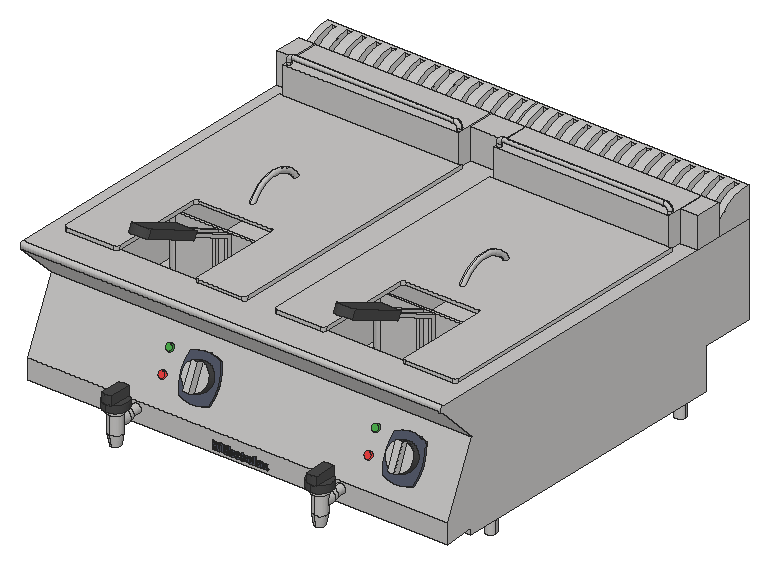
Revit family "QF_ELECTROLUXPROFESSIONAL_371080_E7FREH2E00", category Specialty Equipment, Revit 2018 (continued)
Automatic sketch dimensions
  curve 200 to curve 200 = 9.296 mm
  curve 200 to curve 199 = 18.547 mm
  curve 199 to curve 199 = 9.296 mm
  curve 199 to curve 198 = 18.547 mm
  curve 198 to curve 198 = 9.296 mm
  curve 198 to curve 197 = 18.547 mm
  curve 197 to curve 197 = 9.296 mm
  curve 197 to curve 196 = 18.547 mm
  curve 196 to curve 196 = 9.296 mm
  curve 196 to curve 195 = 18.547 mm
  curve 195 to curve 195 = 9.296 mm
  curve 195 to curve 194 = 18.547 mm
  curve 194 to curve 194 = 9.296 mm
  curve 194 to curve 192 = 18.547 mm
  curve 192 to curve 192 = 9.296 mm
  plane 1 "BACK" to curve 178 = 63.911 mm
  plane 1 "BACK" to curve 179 = 63.911 mm
  curve 178 to curve 180 = 0 mm
  curve 180 to curve 181 = 0 mm
  curve 181 to curve 182 = 0 mm
  curve 182 to curve 183 = 0 mm
  curve 183 to curve 184 = 0 mm
  curve 184 to curve 185 = 0 mm
  curve 185 to curve 186 = 0 mm
  curve 186 to curve 187 = 0 mm
  curve 187 to curve 188 = 0 mm
  curve 188 to curve 189 = 0 mm
  curve 189 to curve 190 = 0 mm
  curve 190 to curve 191 = 0 mm
  plane 1 "BACK" to curve 192 = 63.911 mm
  curve 179 to curve 193 = 0 mm
  curve 194 to curve 192 = 0 mm
  curve 195 to curve 194 = 0 mm
  curve 196 to curve 195 = 0 mm
  curve 197 to curve 196 = 0 mm
  curve 198 to curve 197 = 0 mm
  curve 199 to curve 198 = 0 mm
  curve 200 to curve 199 = 0 mm
  curve 201 to curve 200 = 0 mm
  curve 202 to curve 201 = 0 mm
  curve 203 to curve 202 = 0 mm
  curve 204 to curve 203 = 0 mm
  curve 205 to curve 204 = 0 mm
  Extrusion 1 sketch curve to plane 10 "TOP A" = 0 mm
  Extrusion 1 sketch curve to plane 9 "BASE" = 0 mm
  Extrusion 1 sketch curve to plane 1 "BACK" = 0 mm
  Extrusion 1 sketch curve to plane 12 = 46.037 mm
  plane 11 to Extrusion 1 sketch curve = 59.531 mm
  plane 9 "BASE" to Extrusion 1 sketch curve = 12.7 mm
  plane 11 to Extrusion 1 sketch curve = 62.516 mm
  Extrusion 1 sketch curve to plane 5 "FRONT" = 16.478 mm
  Extrusion 1 sketch curve to plane 5 "FRONT" = 4.973 mm
  Extrusion 1 sketch curve to plane 5 "FRONT" = 0.483 mm
  plane 9 "BASE" to Extrusion 1 sketch curve = 7.09 mm
  Extrusion 1 sketch curve to Extrusion 1 sketch curve = 38.1 mm
  plane 9 "BASE" to Extrusion 1 sketch curve = 77.788 mm
  Extrusion 1 sketch curve to plane 10 "TOP A" = 83.191 mm
  Extrusion 1 sketch curve to plane 10 "TOP A" = 10.84 mm
  Extrusion 2 sketch curve to plane 10 "TOP A" = 0 mm
  Extrusion 2 sketch curve to plane 1 "BACK" = 0 mm
  Extrusion 2 sketch curve to plane 6 "TOP" = 0 mm
  plane 1 "BACK" to Extrusion 2 sketch curve = 1.769 mm
  plane 10 "TOP A" to Extrusion 2 sketch curve = 25.4 mm
  plane 1 "BACK" to Extrusion 2 sketch curve = 69.85 mm
  plane 12 to Extrusion 3 sketch curve = 0.124 mm  (x2)
  Extrusion 3 sketch curve to plane 4 "RIGHT" = 33.338 mm
  plane 7 "Center Y" to Extrusion 3 sketch curve = 26.988 mm
  Extrusion 3 sketch curve to plane 7 "Center Y" = 26.988 mm
  plane 3 "LEFT" to Extrusion 3 sketch curve = 33.338 mm
  plane 11 to Extrusion 3 sketch curve = 57.877 mm
  Extrusion 3 sketch curve to Extrusion 3 sketch curve = 0 mm
  plane 1 "BACK" to Extrusion 4 sketch curve = 6.761 mm
  plane 3 "LEFT" to Extrusion 4 sketch curve = 22.749 mm
  Extrusion 4 sketch curve to Extrusion 4 sketch curve = 9.296 mm
  Extrusion 4 sketch curve to Extrusion 4 sketch curve = 57.15 mm
  plane 11 to Extrusion 5 sketch curve = 0 mm  (x2)
  plane 12 to Extrusion 5 sketch curve = 0 mm  (x2)
  plane 3 "LEFT" to Extrusion 5 sketch curve = 11.112 mm  (x2)
  Extrusion 5 sketch curve to plane 4 "RIGHT" = 11.113 mm  (x2)
  Extrusion 6 sketch curve to Extrusion 1 = 31.333 mm  (x4)
  Extrusion 6 sketch curve to Extrusion 6 sketch curve = 12.3 mm  (x6)
  Extrusion 6 sketch curve to Extrusion 6 sketch curve = 34.925 mm  (x4)
  Extrusion 1 to Extrusion 6 sketch curve = 44.467 mm  (x2)
  Extrusion 1 to Extrusion 6 sketch curve = 49.735 mm
  Extrusion 6 sketch curve to Extrusion 6 sketch curve = 25.727 mm  (x4)
  Extrusion 6 sketch curve to Extrusion 6 sketch curve = 28.575 mm  (x2)
  Extrusion 6 sketch curve to Extrusion 6 sketch curve = 280.219 mm
  Extrusion 7 sketch curve to Extrusion 7 sketch curve = 0 mm
  Extrusion 7 sketch curve to Extrusion 7 sketch curve = 388.937 mm
  Extrusion 8 sketch curve to Extrusion 8 sketch curve = 24.732 mm  (x2)
  Extrusion 8 sketch curve to Extrusion 8 sketch curve = 0 mm  (x2)
  Extrusion 1 to Extrusion 9 sketch curve = 39.678 mm  (x2)
  Extrusion 1 to Extrusion 9 sketch curve = 167.915 mm
  Extrusion 1 to Extrusion 9 sketch curve = 240.073 mm
  Extrusion 10 sketch curve to Extrusion 1 = 50.809 mm  (x2)
  Extrusion 1 to Extrusion 10 sketch curve = 167.915 mm
  Extrusion 1 to Extrusion 10 sketch curve = 240.073 mm
  Revolve 11 sketch curve to plane 9 "BASE" = 8.123 mm
  plane 5 "FRONT" to Revolve 11 sketch curve = 32.926 mm
  Revolve 11 sketch curve to Revolve 11 sketch curve = 0 mm
  Revolve 11 sketch curve to Revolve 11 sketch curve = 9.009 mm
  plane 5 "FRONT" to Revolve 11 sketch curve = 20.301 mm
  Revolve 11 sketch curve to Revolve 11 sketch curve = 3.277 mm
  Revolve 11 sketch curve to Revolve 11 sketch curve = 6.35 mm
  plane 9 "BASE" to Revolve 11 sketch curve = 12.388 mm
  Revolve 11 sketch curve to Revolve 11 sketch curve = 36.341 mm
  Revolve 11 sketch curve to Revolve 11 sketch curve = 7.879 mm
  Revolve 11 sketch curve to Revolve 11 sketch curve = 12.7 mm  (x2)
  Revolve 11 sketch curve to Revolve 11 sketch curve = 15.064 mm
  plane 5 "FRONT" to Revolve 12 sketch curve = 34.322 mm
  plane 5 "FRONT" to Revolve 12 sketch curve = 12.357 mm
  plane 5 "FRONT" to Revolve 12 sketch curve = 3.364 mm
  Revolve 12 sketch curve to plane 5 "FRONT" = 16.478 mm
  Revolve 12 sketch curve to Revolve 12 sketch curve = 0 mm  (x2)
  Revolve 12 sketch curve to Revolve 12 sketch curve = 9.137 mm
  plane 9 "BASE" to Revolve 12 sketch curve = 19.447 mm
  Revolve 12 sketch curve to Revolve 12 sketch curve = 1.702 mm
  Revolve 12 sketch curve to Revolve 12 sketch curve = 2.047 mm
  Revolve 12 sketch curve to Revolve 12 sketch curve = 12.303 mm
  Revolve 13 sketch curve to plane 9 "BASE" = 8.123 mm
  plane 5 "FRONT" to Revolve 13 sketch curve = 32.926 mm
  Revolve 13 sketch curve to Revolve 13 sketch curve = 0 mm
  Revolve 13 sketch curve to Revolve 13 sketch curve = 9.009 mm
  plane 5 "FRONT" to Revolve 13 sketch curve = 20.301 mm
  Revolve 13 sketch curve to Revolve 13 sketch curve = 3.277 mm
  Revolve 13 sketch curve to Revolve 13 sketch curve = 6.35 mm
  plane 9 "BASE" to Revolve 13 sketch curve = 12.388 mm
  Revolve 13 sketch curve to Revolve 13 sketch curve = 36.341 mm
  Revolve 13 sketch curve to Revolve 13 sketch curve = 7.879 mm
  Revolve 13 sketch curve to Revolve 13 sketch curve = 12.7 mm  (x2)
  Revolve 13 sketch curve to Revolve 13 sketch curve = 15.064 mm
  plane 5 "FRONT" to Revolve 14 sketch curve = 34.322 mm
  plane 5 "FRONT" to Revolve 14 sketch curve = 12.357 mm
  plane 5 "FRONT" to Revolve 14 sketch curve = 3.364 mm
  Revolve 14 sketch curve to plane 5 "FRONT" = 16.478 mm
  Revolve 14 sketch curve to Revolve 14 sketch curve = 0 mm  (x2)
  Revolve 14 sketch curve to Revolve 14 sketch curve = 9.137 mm
  plane 9 "BASE" to Revolve 14 sketch curve = 19.447 mm
  Revolve 14 sketch curve to Revolve 14 sketch curve = 1.702 mm
  Revolve 14 sketch curve to Revolve 14 sketch curve = 2.047 mm
  Revolve 14 sketch curve to Revolve 14 sketch curve = 12.303 mm
  Extrusion 15 sketch curve to Extrusion 15 sketch curve = 0 mm  (x5)
  Extrusion 15 sketch curve to Extrusion 15 sketch curve = 20.063 mm  (x2)
  Revolve 11 to Extrusion 15 sketch curve = 9.626 mm
  Extrusion 15 sketch curve to Revolve 11 = 9.626 mm
  Extrusion 15 sketch curve to Extrusion 15 sketch curve = 369.686 mm
  Extrusion 15 sketch curve to Extrusion 15 sketch curve = 9.626 mm
  Extrusion 1 to Extrusion 16 sketch curve = 33.906 mm
  plane 1 "BACK" to Extrusion 17 sketch curve = 0 mm
  Extrusion 17 sketch curve to plane 3 "LEFT" = 0 mm
  Extrusion 17 sketch curve to plane 4 "RIGHT" = 0 mm
  Extrusion 17 sketch curve to plane 3 "LEFT" = 150.019 mm
  plane 5 "FRONT" to Extrusion 17 sketch curve = 1.377 mm  (x2)
  plane 4 "RIGHT" to Extrusion 17 sketch curve = 150.019 mm
  Extrusion 17 sketch curve to plane 1 "BACK" = 150.019 mm
  plane 1 "BACK" to curve 7 = 0 mm
  curve 7 to plane 4 "RIGHT" = 0 mm
  plane 5 "FRONT" to curve 93 = 0 mm
  curve 6 to plane 3 "LEFT" = 0 mm
  plane 4 "RIGHT" to curve 3 = 150.019 mm
  curve 134 to curve 133 = 9.296 mm
  curve 43 to plane 4 "RIGHT" = 26.988 mm
  curve 44 to curve 44 = 6.35 mm
  curve 78 to plane 4 "RIGHT" = 37.598 mm
  plane 1 "BACK" to curve 141 = 6.761 mm
  curve 140 to curve 139 = 9.296 mm
  curve 139 to curve 143 = 18.547 mm
  curve 143 to curve 142 = 9.296 mm
  curve 146 to curve 147 = 9.296 mm
  curve 44 to curve 46 = 88.9 mm
  curve 46 to curve 61 = 6.35 mm
  curve 149 to curve 148 = 9.296 mm
  curve 47 to curve 49 = 6.35 mm
  curve 152 to curve 151 = 9.296 mm
  plane 1 "BACK" to curve 155 = 6.761 mm
  curve 151 to curve 155 = 18.547 mm
  curve 47 to curve 60 = 54.879 mm
  curve 67 to curve 60 = 0 mm  (x2)
  curve 59 to plane 11 = 5.711 mm
  curve 47 to curve 59 = 58.32 mm
  curve 155 to curve 154 = 9.296 mm
  curve 58 to curve 64 = 4.079 mm
  plane 5 "FRONT" to curve 93 = 13.586 mm
  curve 60 to curve 93 = 8.46 mm
  curve 48 to curve 68 = 60.633 mm
  curve 93 to curve 90 = 1.381 mm
  curve 64 to curve 63 = 5.857 mm
  curve 68 to curve 70 = 4.449 mm
  curve 67 to curve 60 = 18.617 mm
  curve 90 to curve 89 = 9.626 mm
  plane 1 "BACK" to curve 158 = 6.761 mm
  curve 154 to curve 158 = 18.547 mm
  curve 63 to curve 66 = 17.363 mm
  curve 89 to curve 91 = 9.626 mm
  curve 91 to curve 92 = 1.488 mm
  curve 66 to curve 65 = 5.857 mm
  curve 65 to curve 58 = 4.079 mm
  curve 157 to curve 161 = 18.547 mm
  curve 161 to curve 160 = 9.296 mm
  curve 160 to curve 164 = 18.547 mm
  curve 65 to curve 50 = 51.399 mm
  curve 164 to curve 165 = 9.296 mm
  curve 62 to curve 52 = 53.67 mm
  curve 51 to curve 53 = 6.35 mm
  plane 1 "BACK" to curve 168 = 6.761 mm
  curve 163 to curve 168 = 18.547 mm
  curve 166 to curve 170 = 18.547 mm
  plane 1 "BACK" to curve 173 = 6.761 mm
  curve 169 to curve 173 = 18.547 mm
  curve 173 to curve 174 = 9.296 mm
  plane 7 "Center Y" to curve 54 = 33.338 mm
  plane 7 "Center Y" to curve 79 = 37.641 mm
  curve 54 to curve 55 = 6.35 mm
  curve 137 to curve 136 = 9.296 mm
  plane 7 "Center Y" to curve 175 = 1.587 mm
  curve 25 to plane 7 "Center Y" = 1.588 mm
  plane 1 "BACK" to curve 94 = 6.761 mm
  curve 176 to curve 94 = 13.764 mm
  curve 94 to curve 95 = 9.296 mm
  plane 12 to curve 23 = 0.124 mm
  curve 23 to plane 7 "Center Y" = 26.988 mm
  curve 77 to plane 7 "Center Y" = 37.641 mm
  curve 22 to curve 22 = 6.35 mm
  curve 95 to curve 130 = 18.547 mm
  curve 130 to curve 131 = 9.296 mm
  curve 131 to curve 127 = 18.547 mm
  curve 127 to curve 128 = 9.296 mm
  curve 128 to curve 124 = 18.547 mm
  curve 22 to curve 20 = 82.55 mm
  curve 42 to plane 7 "Center Y" = 122.238 mm
  curve 125 to curve 121 = 18.547 mm
  curve 18 to curve 17 = 6.35 mm
  curve 121 to curve 123 = 9.296 mm
  curve 118 to curve 120 = 9.296 mm
  curve 19 to curve 31 = 53.67 mm
  curve 18 to curve 34 = 51.399 mm
  curve 26 to curve 86 = 6.654 mm
  curve 86 to curve 85 = 1.488 mm
  curve 34 to curve 35 = 5.857 mm
  curve 115 to curve 116 = 9.296 mm
  curve 85 to curve 83 = 9.626 mm
  curve 36 to curve 36 = 18.617 mm
  curve 29 to curve 36 = 0 mm
  plane 8 "Center X" to curve 40 = 38.031 mm
  curve 18 to curve 40 = 66.994 mm
  curve 39 to curve 39 = 4.449 mm
  curve 32 to plane 11 = 5.711 mm
  curve 35 to curve 32 = 17.363 mm
  curve 82 to curve 84 = 9.626 mm
  curve 84 to curve 87 = 1.381 mm
  curve 32 to curve 33 = 5.857 mm
  curve 29 to curve 28 = 18.617 mm
  curve 36 to curve 36 = 3.442 mm
  curve 36 to curve 29 = 3.442 mm
  curve 112 to curve 114 = 9.296 mm
  plane 1 "BACK" to curve 111 = 6.761 mm
  curve 113 to curve 111 = 18.547 mm
  curve 109 to curve 111 = 9.296 mm
  curve 33 to curve 16 = 56.049 mm
  curve 110 to curve 106 = 18.547 mm
  curve 16 to curve 41 = 6.35 mm
  curve 106 to curve 107 = 9.296 mm
  curve 15 to curve 13 = 6.35 mm
  plane 1 "BACK" to curve 103 = 6.761 mm
  curve 107 to curve 103 = 18.547 mm
  curve 103 to curve 104 = 9.296 mm
  curve 104 to curve 100 = 18.547 mm
  plane 1 "BACK" to curve 97 = 6.761 mm
  curve 101 to curve 97 = 18.547 mm
  curve 97 to curve 98 = 9.296 mm
  curve 98 to curve 74 = 3.697 mm
  plane 3 "LEFT" to curve 13 = 33.338 mm
  plane 3 "LEFT" to curve 11 = 26.988 mm
  curve 8 to curve 9 = 9.296 mm
  plane 5 "FRONT" to curve 1 = 1.377 mm
  curve 1 to plane 3 "LEFT" = 150.019 mm
  curve 1 to plane 1 "BACK" = 150.019 mm
  plane 1 "BACK" to curve 8 = 6.761 mm
  plane 1 "BACK" to curve 171 = 6.761 mm
  plane 1 "BACK" to curve 165 = 6.761 mm
  plane 1 "BACK" to curve 162 = 6.761 mm
  plane 1 "BACK" to curve 153 = 6.761 mm
  plane 1 "BACK" to curve 150 = 6.761 mm
  plane 1 "BACK" to curve 147 = 6.761 mm
  plane 1 "BACK" to curve 144 = 6.761 mm
  plane 1 "BACK" to curve 138 = 6.761 mm
  plane 1 "BACK" to curve 135 = 6.761 mm
  plane 1 "BACK" to curve 132 = 6.761 mm
  plane 1 "BACK" to curve 129 = 6.761 mm
  plane 1 "BACK" to curve 126 = 6.761 mm
  plane 1 "BACK" to curve 123 = 6.761 mm
  plane 1 "BACK" to curve 120 = 6.761 mm
  plane 1 "BACK" to curve 117 = 6.761 mm
  plane 1 "BACK" to curve 114 = 6.761 mm
  plane 1 "BACK" to curve 108 = 6.761 mm
  plane 1 "BACK" to curve 102 = 6.761 mm
  curve 115 to curve 115 = 57.15 mm
  curve 121 to curve 124 = 0 mm
  curve 118 to curve 122 = 0 mm
  curve 130 to curve 94 = 0 mm
  curve 97 to curve 101 = 0 mm
  curve 136 to curve 175 = 5.939 mm
  curve 176 to curve 175 = 0 mm
  curve 95 to curve 74 = 71.504 mm
  curve 137 to curve 78 = 71.504 mm
  curve 78 to curve 80 = 7.655 mm
  curve 74 to curve 75 = 7.655 mm
  plane 12 to curve 56 = 0.124 mm
  plane 8 "Center X" to curve 71 = 38.031 mm
  curve 38 to plane 8 "Center X" = 63.432 mm
  curve 70 to plane 8 "Center X" = 63.432 mm
  curve 38 to curve 18 = 46.229 mm
  curve 70 to curve 49 = 46.229 mm
  curve 47 to curve 72 = 22.324 mm
  curve 19 to curve 41 = 22.324 mm
  curve 72 to curve 73 = 3.175 mm
  curve 18 to curve 34 = 25.499 mm
  plane 11 to curve 62 = 57.877 mm
  plane 11 to curve 14 = 57.877 mm
  curve 62 to curve 61 = 0 mm
  curve 30 to curve 31 = 0 mm
  curve 61 to curve 67 = 33.188 mm
  curve 30 to curve 36 = 33.188 mm
  curve 36 to curve 29 = 6.713 mm
  curve 67 to curve 60 = 6.713 mm  (x2)
  curve 60 to curve 67 = 4.011 mm
  curve 29 to curve 36 = 4.011 mm
  curve 36 to curve 26 = 6.713 mm
  plane 5 "FRONT" to curve 3 = 1.377 mm
  curve 89 to curve 93 = 2.913 mm
  plane 5 "FRONT" to curve 82 = 10.673 mm
  curve 83 to curve 84 = 2.19 mm
  Extrusion 18 sketch curve to plane 4 "RIGHT" = 26.988 mm
  Extrusion 18 sketch curve to Extrusion 18 sketch curve = 6.35 mm  (x8)
  Extrusion 18 sketch curve to Extrusion 18 sketch curve = 88.9 mm
  Extrusion 18 sketch curve to plane 4 "RIGHT" = 128.588 mm
  plane 7 "Center Y" to Extrusion 18 sketch curve = 128.588 mm
  plane 11 to Extrusion 18 sketch curve = 57.877 mm  (x4)
  plane 7 "Center Y" to Extrusion 18 sketch curve = 122.238 mm
  plane 7 "Center Y" to Extrusion 18 sketch curve = 33.338 mm
  Extrusion 18 sketch curve to plane 7 "Center Y" = 26.988 mm
  Extrusion 18 sketch curve to Extrusion 18 sketch curve = 82.55 mm
  plane 3 "LEFT" to Extrusion 18 sketch curve = 134.938 mm
  plane 3 "LEFT" to Extrusion 18 sketch curve = 128.588 mm
  plane 3 "LEFT" to Extrusion 18 sketch curve = 33.338 mm
  plane 12 to Extrusion 18 sketch curve = 0.124 mm  (x2)
  plane 3 "LEFT" to Extrusion 18 sketch curve = 26.988 mm
  Extrusion 18 sketch curve to plane 8 "Center X" = 109.662 mm  (x2)
  Sweep 19 sketch curve to plane 6 "TOP" = 0 mm  (x2)
  plane 6 "TOP" to Sweep 19 sketch curve = 4.85 mm  (x2)
  plane 3 "LEFT" to Sweep 19 sketch curve = 39.688 mm
  Sweep 19 sketch curve to Sweep 19 sketch curve = 6.35 mm
  Sweep 19 sketch curve to plane 7 "Center Y" = 46.081 mm
  Sweep 19 sketch curve to profile plane = 2.09 mm
  profile plane to Sweep 19 sketch curve = 140.754 mm
  Extrusion 20 sketch curve to plane 7 "Center Y" = 175.907 mm
  Extrusion 20 sketch curve to Extrusion 20 sketch curve = 0 mm
  Extrusion 20 sketch curve to Extrusion 20 sketch curve = 11.832 mm
  Extrusion 20 sketch curve to Extrusion 20 sketch curve = 106.78 mm
  Extrusion 20 sketch curve to Extrusion 20 sketch curve = 18.617 mm
  Extrusion 21 sketch curve to plane 11 = 1.013 mm
  Extrusion 21 sketch curve to plane 11 = 3.696 mm
  Extrusion 21 sketch curve to plane 10 "TOP A" = 11.567 mm
  Extrusion 21 sketch curve to plane 11 = 84.899 mm
  Extrusion 21 sketch curve to plane 10 "TOP A" = 7.522 mm
  Extrusion 21 sketch curve to Extrusion 21 sketch curve = 6.35 mm
  Extrusion 21 sketch curve to Extrusion 21 sketch curve = 97.432 mm
  Extrusion 22 sketch curve to plane 11 = 1.013 mm
  Extrusion 22 sketch curve to plane 11 = 3.696 mm
  Extrusion 22 sketch curve to plane 10 "TOP A" = 11.567 mm
  Extrusion 22 sketch curve to plane 11 = 84.899 mm
  Extrusion 22 sketch curve to Extrusion 22 sketch curve = 6.35 mm
  Extrusion 22 sketch curve to plane 10 "TOP A" = 7.522 mm
  Extrusion 22 sketch curve to Extrusion 22 sketch curve = 97.432 mm
  Sweep 23 sketch curve to plane 10 "TOP A" = 0 mm  (x2)
  Sweep 23 sketch curve to plane 8 "Center X" = 67.263 mm
  Sweep 23 sketch curve to plane 8 "Center X" = 12.824 mm
  Sweep 23 sketch curve to plane 10 "TOP A" = 26.978 mm
  Sweep 23 sketch curve to profile plane = 0 mm  (x2)
  Sweep 24 sketch curve to plane 10 "TOP A" = 0 mm  (x2)
  Sweep 24 sketch curve to plane 8 "Center X" = 67.263 mm
  Sweep 24 sketch curve to plane 8 "Center X" = 12.824 mm
  Sweep 24 sketch curve to plane 10 "TOP A" = 26.978 mm
  Sweep 24 sketch curve to profile plane = 0 mm
  profile plane to Sweep 24 sketch curve = 0 mm
  plane 7 "Center Y" to Extrusion 25 sketch curve = 175.907 mm
  Extrusion 25 sketch curve to Extrusion 25 sketch curve = 0 mm
  Extrusion 25 sketch curve to Extrusion 25 sketch curve = 11.832 mm
  Extrusion 25 sketch curve to Extrusion 25 sketch curve = 106.78 mm
  Extrusion 25 sketch curve to Extrusion 25 sketch curve = 18.617 mm
  Extrusion 26 sketch curve to Extrusion 26 sketch curve = 0 mm  (x16)
  Extrusion 26 sketch curve to plane 4 "RIGHT" = 91.225 mm
  Extrusion 26 sketch curve to Extrusion 26 sketch curve = 3.175 mm  (x2)
  Extrusion 26 sketch curve to Extrusion 26 sketch curve = 22.225 mm  (x6)
  plane 7 "Center Y" to Extrusion 26 sketch curve = 105.625 mm  (x2)
  plane 12 to Extrusion 26 sketch curve = 44.673 mm
  Extrusion 26 sketch curve to plane 7 "Center Y" = 80.225 mm
  plane 3 "LEFT" to Extrusion 26 sketch curve = 116.625 mm  (x2)
  plane 12 to Extrusion 26 sketch curve = 41.498 mm
  Extrusion 26 sketch curve to plane 8 "Center X" = 116.11 mm  (x2)
  Extrusion 27 sketch curve to plane 11 = 1.013 mm
  Extrusion 27 sketch curve to plane 11 = 3.696 mm
  Extrusion 27 sketch curve to plane 10 "TOP A" = 11.567 mm
  Extrusion 27 sketch curve to plane 11 = 84.899 mm
  Extrusion 27 sketch curve to plane 10 "TOP A" = 7.522 mm
  Extrusion 27 sketch curve to Extrusion 27 sketch curve = 6.35 mm
  Extrusion 27 sketch curve to Extrusion 27 sketch curve = 97.432 mm
  Extrusion 28 sketch curve to plane 11 = 1.013 mm
  Extrusion 28 sketch curve to plane 11 = 3.696 mm
  Extrusion 28 sketch curve to plane 10 "TOP A" = 11.567 mm
  Extrusion 28 sketch curve to plane 11 = 84.899 mm
  Extrusion 28 sketch curve to Extrusion 28 sketch curve = 6.35 mm
  Extrusion 28 sketch curve to Extrusion 28 sketch curve = 97.432 mm
  Extrusion 28 sketch curve to plane 10 "TOP A" = 7.522 mm
  plane 1 "BACK" to Extrusion 29 sketch curve = 6.761 mm
  Extrusion 29 sketch curve to plane 7 "Center Y" = 15.351 mm
  Extrusion 29 sketch curve to Extrusion 29 sketch curve = 9.296 mm
  Extrusion 29 sketch curve to Extrusion 29 sketch curve = 57.15 mm
  plane 1 "BACK" to Extrusion 30 sketch curve = 6.761 mm
  plane 3 "LEFT" to Extrusion 30 sketch curve = 50.591 mm
  Extrusion 30 sketch curve to Extrusion 30 sketch curve = 9.296 mm
  Extrusion 30 sketch curve to Extrusion 30 sketch curve = 57.15 mm
  plane 1 "BACK" to Extrusion 31 sketch curve = 6.761 mm
  plane 3 "LEFT" to Extrusion 31 sketch curve = 78.433 mm
  Extrusion 31 sketch curve to Extrusion 31 sketch curve = 9.296 mm
  Extrusion 31 sketch curve to Extrusion 31 sketch curve = 57.15 mm
  plane 1 "BACK" to Extrusion 32 sketch curve = 6.761 mm
  plane 3 "LEFT" to Extrusion 32 sketch curve = 106.275 mm
  Extrusion 32 sketch curve to Extrusion 32 sketch curve = 9.296 mm
  Extrusion 32 sketch curve to Extrusion 32 sketch curve = 57.15 mm
  plane 1 "BACK" to Extrusion 33 sketch curve = 6.761 mm
  plane 3 "LEFT" to Extrusion 33 sketch curve = 134.118 mm
  Extrusion 33 sketch curve to Extrusion 33 sketch curve = 9.296 mm
  Extrusion 33 sketch curve to Extrusion 33 sketch curve = 57.15 mm
  plane 1 "BACK" to Extrusion 34 sketch curve = 6.761 mm
  plane 3 "LEFT" to Extrusion 34 sketch curve = 161.96 mm
  Extrusion 34 sketch curve to Extrusion 34 sketch curve = 9.296 mm
  Extrusion 34 sketch curve to Extrusion 34 sketch curve = 57.15 mm
  plane 1 "BACK" to Extrusion 35 sketch curve = 6.761 mm
  plane 3 "LEFT" to Extrusion 35 sketch curve = 189.802 mm
  Extrusion 35 sketch curve to Extrusion 35 sketch curve = 9.296 mm
  Extrusion 35 sketch curve to Extrusion 35 sketch curve = 57.15 mm
  plane 1 "BACK" to Extrusion 36 sketch curve = 6.761 mm
  Extrusion 36 sketch curve to plane 7 "Center Y" = 182.405 mm
  Extrusion 36 sketch curve to Extrusion 36 sketch curve = 9.296 mm
  Extrusion 36 sketch curve to Extrusion 36 sketch curve = 57.15 mm
  plane 1 "BACK" to Extrusion 37 sketch curve = 6.761 mm
  Extrusion 37 sketch curve to plane 7 "Center Y" = 154.563 mm
  Extrusion 37 sketch curve to Extrusion 37 sketch curve = 9.296 mm
  Extrusion 37 sketch curve to Extrusion 37 sketch curve = 57.15 mm
  plane 1 "BACK" to Extrusion 38 sketch curve = 6.761 mm
  Extrusion 38 sketch curve to plane 7 "Center Y" = 126.721 mm
  Extrusion 38 sketch curve to Extrusion 38 sketch curve = 9.296 mm
  Extrusion 38 sketch curve to Extrusion 38 sketch curve = 57.15 mm
  plane 1 "BACK" to Extrusion 39 sketch curve = 6.761 mm
  Extrusion 39 sketch curve to plane 7 "Center Y" = 98.878 mm
  Extrusion 39 sketch curve to Extrusion 39 sketch curve = 9.296 mm
  Extrusion 39 sketch curve to Extrusion 39 sketch curve = 57.15 mm
  plane 1 "BACK" to Extrusion 40 sketch curve = 6.761 mm
  Extrusion 40 sketch curve to plane 7 "Center Y" = 71.036 mm
  Extrusion 40 sketch curve to Extrusion 40 sketch curve = 9.296 mm
  Extrusion 40 sketch curve to Extrusion 40 sketch curve = 57.15 mm
  plane 1 "BACK" to Extrusion 41 sketch curve = 6.761 mm
  Extrusion 41 sketch curve to plane 7 "Center Y" = 43.194 mm
  Extrusion 41 sketch curve to Extrusion 41 sketch curve = 9.296 mm
  Extrusion 41 sketch curve to Extrusion 41 sketch curve = 57.15 mm
  Extrusion 42 sketch curve to plane 1 "BACK" = 6.761 mm
  plane 4 "RIGHT" to Extrusion 42 sketch curve = 22.749 mm
  Extrusion 42 sketch curve to Extrusion 42 sketch curve = 9.296 mm
  Extrusion 42 sketch curve to Extrusion 42 sketch curve = 57.15 mm
  Extrusion 43 sketch curve to plane 1 "BACK" = 6.761 mm
  Extrusion 43 sketch curve to plane 7 "Center Y" = 15.351 mm
  Extrusion 43 sketch curve to Extrusion 43 sketch curve = 9.296 mm
  Extrusion 43 sketch curve to Extrusion 43 sketch curve = 57.15 mm
  Extrusion 44 sketch curve to plane 1 "BACK" = 6.761 mm
  plane 4 "RIGHT" to Extrusion 44 sketch curve = 50.591 mm
  Extrusion 44 sketch curve to Extrusion 44 sketch curve = 9.296 mm
  Extrusion 44 sketch curve to Extrusion 44 sketch curve = 57.15 mm
  Extrusion 45 sketch curve to plane 1 "BACK" = 6.761 mm
  plane 4 "RIGHT" to Extrusion 45 sketch curve = 78.433 mm
  Extrusion 45 sketch curve to Extrusion 45 sketch curve = 9.296 mm
  Extrusion 45 sketch curve to Extrusion 45 sketch curve = 57.15 mm
  Extrusion 46 sketch curve to plane 1 "BACK" = 6.761 mm
  plane 4 "RIGHT" to Extrusion 46 sketch curve = 106.275 mm
  Extrusion 46 sketch curve to Extrusion 46 sketch curve = 9.296 mm
  Extrusion 46 sketch curve to Extrusion 46 sketch curve = 57.15 mm
  Extrusion 47 sketch curve to plane 1 "BACK" = 6.761 mm
  plane 4 "RIGHT" to Extrusion 47 sketch curve = 134.118 mm
  Extrusion 47 sketch curve to Extrusion 47 sketch curve = 9.296 mm
  Extrusion 47 sketch curve to Extrusion 47 sketch curve = 57.15 mm
  Extrusion 48 sketch curve to plane 1 "BACK" = 6.761 mm
  plane 4 "RIGHT" to Extrusion 48 sketch curve = 161.96 mm
  Extrusion 48 sketch curve to Extrusion 48 sketch curve = 9.296 mm
  Extrusion 48 sketch curve to Extrusion 48 sketch curve = 57.15 mm
  Extrusion 49 sketch curve to plane 1 "BACK" = 6.761 mm
  plane 4 "RIGHT" to Extrusion 49 sketch curve = 189.802 mm
  Extrusion 49 sketch curve to Extrusion 49 sketch curve = 9.296 mm
  Extrusion 49 sketch curve to Extrusion 49 sketch curve = 57.15 mm
  Extrusion 50 sketch curve to plane 1 "BACK" = 6.761 mm
  Extrusion 50 sketch curve to plane 7 "Center Y" = 182.405 mm
  Extrusion 50 sketch curve to Extrusion 50 sketch curve = 9.296 mm
  Extrusion 50 sketch curve to Extrusion 50 sketch curve = 57.15 mm
  Extrusion 51 sketch curve to plane 1 "BACK" = 6.761 mm
  Extrusion 51 sketch curve to plane 7 "Center Y" = 154.563 mm
  Extrusion 51 sketch curve to Extrusion 51 sketch curve = 9.296 mm
  Extrusion 51 sketch curve to Extrusion 51 sketch curve = 57.15 mm
  Extrusion 52 sketch curve to plane 1 "BACK" = 6.761 mm
  Extrusion 52 sketch curve to plane 7 "Center Y" = 126.721 mm
  Extrusion 52 sketch curve to Extrusion 52 sketch curve = 9.296 mm
  Extrusion 52 sketch curve to Extrusion 52 sketch curve = 57.15 mm
  Extrusion 53 sketch curve to plane 1 "BACK" = 6.761 mm
  Extrusion 53 sketch curve to plane 7 "Center Y" = 98.878 mm
  Extrusion 53 sketch curve to Extrusion 53 sketch curve = 9.296 mm
  Extrusion 53 sketch curve to Extrusion 53 sketch curve = 57.15 mm
  Extrusion 54 sketch curve to plane 1 "BACK" = 6.761 mm
  Extrusion 54 sketch curve to plane 7 "Center Y" = 71.036 mm
  Extrusion 54 sketch curve to Extrusion 54 sketch curve = 9.296 mm
  Extrusion 54 sketch curve to Extrusion 54 sketch curve = 57.15 mm
  Extrusion 55 sketch curve to plane 1 "BACK" = 6.761 mm
  Extrusion 55 sketch curve to plane 7 "Center Y" = 43.194 mm
  Extrusion 55 sketch curve to Extrusion 55 sketch curve = 9.296 mm
  Extrusion 55 sketch curve to Extrusion 55 sketch curve = 57.15 mm
  plane 1 "BACK" to Extrusion 56 sketch curve = 0 mm
  plane 7 "Center Y" to Extrusion 56 sketch curve = 1.588 mm
  Extrusion 56 sketch curve to plane 7 "Center Y" = 1.587 mm
  Extrusion 56 sketch curve to plane 1 "BACK" = 69.85 mm
  Extrusion 57 sketch curve to plane 4 "RIGHT" = 0 mm
  Extrusion 57 sketch curve to plane 3 "LEFT" = 0 mm
  Extrusion 57 sketch curve to Extrusion 57 sketch curve = 31.75 mm  (x2)
  plane 7 "Center Y" to Extrusion 57 sketch curve = 31.75 mm
  Extrusion 57 sketch curve to plane 7 "Center Y" = 31.75 mm
  plane 1 "BACK" to Extrusion 57 sketch curve = 69.85 mm  (x3)
  Extrusion 57 sketch curve to plane 12 = 26.988 mm  (x3)
  plane 12 to Extrusion 58 sketch curve = 0.124 mm  (x2)
  Extrusion 58 sketch curve to plane 4 "RIGHT" = 33.338 mm
  plane 7 "Center Y" to Extrusion 58 sketch curve = 33.337 mm
  Extrusion 58 sketch curve to plane 7 "Center Y" = 33.338 mm
  plane 3 "LEFT" to Extrusion 58 sketch curve = 33.338 mm
  plane 1 "BACK" to Extrusion 58 sketch curve = 69.85 mm
  Extrusion 58 sketch curve to Extrusion 58 sketch curve = 0 mm
  Sweep 59 sketch curve to plane 6 "TOP" = 0 mm  (x2)
  plane 6 "TOP" to Sweep 59 sketch curve = 4.85 mm  (x2)
  Sweep 59 sketch curve to plane 4 "RIGHT" = 39.688 mm
  Sweep 59 sketch curve to Sweep 59 sketch curve = 6.35 mm
  plane 7 "Center Y" to Sweep 59 sketch curve = 46.081 mm
  profile plane to Sweep 59 sketch curve = 2.09 mm
  profile plane to Sweep 59 sketch curve = 140.754 mm
  curve 75 to curve 206 = 4.26 mm
  curve 74 to curve 207 = 5.848 mm
  curve 207 to curve 74 = 14.764 mm
  curve 78 to curve 209 = 5.891 mm
  curve 209 to curve 74 = 5.891 mm
  curve 23 to curve 210 = 6.35 mm
  curve 209 to curve 78 = 14.764 mm
  curve 213 to curve 212 = 1.588 mm
  curve 214 to curve 140 = 7.958 mm
  curve 133 to curve 214 = 10.589 mm
  curve 215 to curve 78 = 5.848 mm
  curve 215 to curve 78 = 14.764 mm
  curve 134 to plane 4 "RIGHT" = 13.453 mm
  curve 142 to curve 146 = 18.547 mm
  curve 145 to curve 150 = 18.547 mm
  curve 148 to curve 152 = 18.547 mm
  curve 158 to curve 157 = 9.296 mm
  curve 167 to curve 166 = 9.296 mm
  curve 170 to curve 169 = 9.296 mm
  curve 172 to curve 137 = 18.547 mm
  curve 124 to curve 125 = 9.296 mm
  curve 122 to curve 118 = 18.547 mm
  curve 119 to curve 117 = 18.547 mm
  curve 116 to curve 114 = 18.547 mm
  curve 100 to curve 101 = 9.296 mm
  curve 207 to curve 8 = 9.001 mm
  curve 134 to curve 134 = 57.15 mm
  curve 136 to curve 136 = 57.15 mm
  curve 137 to curve 212 = 5.939 mm
  curve 139 to curve 214 = 5.939 mm
  curve 131 to curve 210 = 5.939 mm
  curve 131 to curve 130 = 0 mm
  curve 139 to curve 140 = 0 mm
  curve 142 to curve 139 = 0 mm
  curve 142 to curve 143 = 0 mm
  curve 145 to curve 142 = 0 mm
  curve 128 to curve 131 = 0 mm
  curve 128 to curve 127 = 0 mm
  curve 145 to curve 146 = 0 mm
  curve 148 to curve 145 = 0 mm
  curve 148 to curve 149 = 0 mm
  curve 151 to curve 148 = 0 mm
  curve 125 to curve 128 = 0 mm
  curve 125 to curve 124 = 0 mm
  curve 151 to curve 152 = 0 mm
  curve 154 to curve 151 = 0 mm
  curve 154 to curve 155 = 0 mm
  curve 157 to curve 154 = 0 mm
  curve 122 to curve 121 = 0 mm
  curve 157 to curve 158 = 0 mm
  curve 160 to curve 157 = 0 mm
  curve 160 to curve 161 = 0 mm
  curve 163 to curve 160 = 0 mm
  curve 119 to curve 118 = 0 mm
  curve 163 to curve 164 = 0 mm
  curve 95 to curve 211 = 5.939 mm
  curve 166 to curve 163 = 0 mm
  curve 116 to curve 115 = 0 mm
  curve 166 to curve 167 = 0 mm
  curve 169 to curve 166 = 0 mm
  curve 169 to curve 170 = 0 mm
  curve 172 to curve 213 = 5.939 mm
  curve 113 to curve 116 = 0 mm
  curve 113 to curve 112 = 0 mm
  curve 172 to curve 173 = 0 mm
  curve 97 to curve 206 = 5.939 mm
  curve 98 to curve 97 = 0 mm
  curve 8 to curve 207 = 5.939 mm
  curve 110 to curve 113 = 0 mm
  curve 110 to curve 109 = 0 mm
  curve 9 to curve 8 = 0 mm
  curve 101 to curve 100 = 0 mm
  curve 100 to curve 103 = 0 mm
  curve 103 to curve 107 = 0 mm
  curve 107 to curve 106 = 0 mm
  curve 104 to curve 103 = 0 mm
  curve 133 to curve 134 = 0 mm
  plane 9 "BASE" to Extrusion 60 sketch curve = 9.251 mm
  plane 9 "BASE" to Extrusion 60 sketch curve = 14.292 mm
  plane 9 "BASE" to Extrusion 60 sketch curve = 14.311 mm
  Extrusion 60 sketch curve to plane 7 "Center Y" = 0.672 mm
  Extrusion 60 sketch curve to Extrusion 60 sketch curve = 0 mm  (x28)
  Extrusion 60 sketch curve to Extrusion 60 sketch curve = 5.108 mm  (x2)
  Extrusion 60 sketch curve to Extrusion 60 sketch curve = 0.054 mm
  Extrusion 60 sketch curve to Extrusion 60 sketch curve = 0.218 mm
  Extrusion 60 sketch curve to Extrusion 60 sketch curve = 0.195 mm
  Extrusion 60 sketch curve to Extrusion 60 sketch curve = 0.249 mm
  plane 9 "BASE" to Extrusion 60 sketch curve = 14.608 mm
  Extrusion 60 sketch curve to Extrusion 60 sketch curve = 0.087 mm
  Extrusion 60 sketch curve to Extrusion 60 sketch curve = 0.358 mm
  Extrusion 60 sketch curve to Extrusion 60 sketch curve = 0.481 mm
  Extrusion 60 sketch curve to Extrusion 60 sketch curve = 0.597 mm
  Extrusion 60 sketch curve to Extrusion 60 sketch curve = 0.544 mm
  Extrusion 60 sketch curve to Extrusion 60 sketch curve = 0.936 mm
  Extrusion 60 sketch curve to Extrusion 60 sketch curve = 0.594 mm
  Extrusion 60 sketch curve to Extrusion 60 sketch curve = 0.343 mm
  Extrusion 60 sketch curve to Extrusion 60 sketch curve = 0.159 mm
  Extrusion 60 sketch curve to Extrusion 60 sketch curve = 0.826 mm
  Extrusion 60 sketch curve to Extrusion 60 sketch curve = 0.839 mm
  Extrusion 60 sketch curve to Extrusion 60 sketch curve = 0.852 mm
  Extrusion 60 sketch curve to Extrusion 60 sketch curve = 0.887 mm
  Extrusion 60 sketch curve to Extrusion 60 sketch curve = 0.928 mm
  Extrusion 60 sketch curve to Extrusion 60 sketch curve = 0.938 mm
  Extrusion 60 sketch curve to Extrusion 60 sketch curve = 0.444 mm
  Extrusion 60 sketch curve to Extrusion 60 sketch curve = 1.11 mm  (x3)
  Extrusion 60 sketch curve to Extrusion 60 sketch curve = 0.215 mm
  Extrusion 60 sketch curve to Extrusion 60 sketch curve = 1.43 mm
  Extrusion 60 sketch curve to Extrusion 60 sketch curve = 1.188 mm
  Extrusion 60 sketch curve to Extrusion 60 sketch curve = 1.21 mm  (x2)
  Extrusion 60 sketch curve to Extrusion 60 sketch curve = 0.503 mm
  Extrusion 60 sketch curve to Extrusion 60 sketch curve = 0.488 mm
  Extrusion 60 sketch curve to Extrusion 60 sketch curve = 0.462 mm
  Extrusion 60 sketch curve to Extrusion 60 sketch curve = 1.386 mm
  Extrusion 60 sketch curve to Extrusion 60 sketch curve = 1.742 mm  (x2)
  Extrusion 60 sketch curve to Extrusion 60 sketch curve = 0.821 mm
  Extrusion 60 sketch curve to Extrusion 60 sketch curve = 0.497 mm
  Extrusion 60 sketch curve to Extrusion 60 sketch curve = 0.539 mm
  Extrusion 60 sketch curve to Extrusion 60 sketch curve = 0.686 mm
  Extrusion 60 sketch curve to Extrusion 60 sketch curve = 0.408 mm
  Extrusion 60 sketch curve to Extrusion 60 sketch curve = 0.743 mm
  Extrusion 60 sketch curve to Extrusion 60 sketch curve = 1.16 mm
  Extrusion 60 sketch curve to Extrusion 60 sketch curve = 0.329 mm
  Extrusion 60 sketch curve to Extrusion 60 sketch curve = 1.054 mm
  Extrusion 60 sketch curve to Extrusion 60 sketch curve = 1.056 mm
  Extrusion 60 sketch curve to Extrusion 60 sketch curve = 0.129 mm
  Extrusion 60 sketch curve to Extrusion 60 sketch curve = 0.489 mm
  Extrusion 60 sketch curve to Extrusion 60 sketch curve = 0.441 mm
  Extrusion 60 sketch curve to Extrusion 60 sketch curve = 1.151 mm
  Extrusion 60 sketch curve to Extrusion 60 sketch curve = 1.141 mm  (x2)
  Extrusion 60 sketch curve to Extrusion 60 sketch curve = 0.768 mm
  Extrusion 60 sketch curve to Extrusion 60 sketch curve = 1.653 mm
  Extrusion 60 sketch curve to Extrusion 60 sketch curve = 0.499 mm
  Extrusion 60 sketch curve to Extrusion 60 sketch curve = 0.964 mm
  Extrusion 60 sketch curve to Extrusion 60 sketch curve = 0.949 mm
  Extrusion 60 sketch curve to Extrusion 60 sketch curve = 1.345 mm  (x2)
  Extrusion 60 sketch curve to Extrusion 60 sketch curve = 1.101 mm
  Extrusion 60 sketch curve to Extrusion 60 sketch curve = 0.432 mm
  Extrusion 60 sketch curve to Extrusion 60 sketch curve = 1.142 mm
  Extrusion 60 sketch curve to Extrusion 60 sketch curve = 0.959 mm
  Extrusion 60 sketch curve to Extrusion 60 sketch curve = 0.176 mm
  Extrusion 60 sketch curve to Extrusion 60 sketch curve = 0.728 mm
  Extrusion 60 sketch curve to Extrusion 60 sketch curve = 3.375 mm  (x2)
  Extrusion 60 sketch curve to Extrusion 60 sketch curve = 0.541 mm
  Extrusion 60 sketch curve to Extrusion 60 sketch curve = 0.955 mm
  Extrusion 60 sketch curve to Extrusion 60 sketch curve = 1.251 mm
  Extrusion 60 sketch curve to Extrusion 60 sketch curve = 0.572 mm
  Extrusion 60 sketch curve to Extrusion 60 sketch curve = 1.92 mm
  Extrusion 60 sketch curve to Extrusion 60 sketch curve = 1.224 mm
  Extrusion 60 sketch curve to Extrusion 60 sketch curve = 0.745 mm
  Extrusion 60 sketch curve to plane 7 "Center Y" = 0.1 mm
  Extrusion 60 sketch curve to Extrusion 60 sketch curve = 2.537 mm
  Extrusion 60 sketch curve to Extrusion 60 sketch curve = 0.896 mm  (x3)
  Extrusion 60 sketch curve to Extrusion 60 sketch curve = 0.036 mm
  Extrusion 60 sketch curve to Extrusion 60 sketch curve = 2.607 mm
  Extrusion 60 sketch curve to Extrusion 60 sketch curve = 0.066 mm
  Extrusion 60 sketch curve to Extrusion 60 sketch curve = 0.248 mm
  Extrusion 60 sketch curve to Extrusion 60 sketch curve = 0.449 mm
  Extrusion 60 sketch curve to Extrusion 60 sketch curve = 1.052 mm
  Extrusion 60 sketch curve to Extrusion 60 sketch curve = 1.863 mm
  Extrusion 60 sketch curve to Extrusion 60 sketch curve = 1.31 mm  (x2)
  Extrusion 60 sketch curve to Extrusion 60 sketch curve = 0.901 mm
  plane 7 "Center Y" to Extrusion 60 sketch curve = 0.457 mm
  Extrusion 60 sketch curve to Extrusion 60 sketch curve = 1.107 mm
  Extrusion 60 sketch curve to Extrusion 60 sketch curve = 2.122 mm
  Extrusion 60 sketch curve to Extrusion 60 sketch curve = 2.101 mm
  Extrusion 60 sketch curve to Extrusion 60 sketch curve = 0.106 mm
  Extrusion 60 sketch curve to Extrusion 60 sketch curve = 0.029 mm
  Extrusion 60 sketch curve to Extrusion 60 sketch curve = 2.09 mm
  Extrusion 60 sketch curve to Extrusion 60 sketch curve = 1.279 mm
  Extrusion 60 sketch curve to Extrusion 60 sketch curve = 2.008 mm
  Extrusion 60 sketch curve to Extrusion 60 sketch curve = 0.738 mm
  Extrusion 60 sketch curve to Extrusion 60 sketch curve = 0.382 mm
  Extrusion 60 sketch curve to Extrusion 60 sketch curve = 0.384 mm
  Extrusion 60 sketch curve to Extrusion 60 sketch curve = 0.002 mm
  Extrusion 60 sketch curve to Extrusion 60 sketch curve = 0.561 mm
  Extrusion 60 sketch curve to Extrusion 60 sketch curve = 0.592 mm
  Extrusion 60 sketch curve to Extrusion 60 sketch curve = 2.692 mm
  Extrusion 60 sketch curve to Extrusion 60 sketch curve = 1.259 mm
  Extrusion 60 sketch curve to Extrusion 60 sketch curve = 0.802 mm
  Extrusion 60 sketch curve to Extrusion 60 sketch curve = 1.024 mm  (x2)
  Extrusion 60 sketch curve to Extrusion 60 sketch curve = 0.682 mm
  Extrusion 60 sketch curve to Extrusion 60 sketch curve = 5.934 mm
  Extrusion 60 sketch curve to Extrusion 60 sketch curve = 2.186 mm
  Extrusion 60 sketch curve to Extrusion 60 sketch curve = 0.337 mm
  Extrusion 60 sketch curve to Extrusion 60 sketch curve = 0.021 mm
  Extrusion 60 sketch curve to Extrusion 60 sketch curve = 1.005 mm
  Extrusion 60 sketch curve to Extrusion 60 sketch curve = 0.552 mm
  Extrusion 60 sketch curve to Extrusion 60 sketch curve = 0.778 mm
  Extrusion 60 sketch curve to Extrusion 60 sketch curve = 0.063 mm
  Extrusion 60 sketch curve to Extrusion 60 sketch curve = 1.023 mm
  Extrusion 60 sketch curve to Extrusion 60 sketch curve = 3.804 mm
  Extrusion 60 sketch curve to Extrusion 60 sketch curve = 0.486 mm
  Extrusion 60 sketch curve to Extrusion 60 sketch curve = 0.266 mm  (x2)
  Extrusion 60 sketch curve to Extrusion 60 sketch curve = 1.547 mm
  Extrusion 60 sketch curve to Extrusion 60 sketch curve = 0.717 mm  (x2)
  Extrusion 60 sketch curve to Extrusion 60 sketch curve = 1.667 mm
  Extrusion 60 sketch curve to Extrusion 60 sketch curve = 3.174 mm
  Extrusion 60 sketch curve to Extrusion 60 sketch curve = 0.388 mm
  Extrusion 60 sketch curve to Extrusion 60 sketch curve = 1.342 mm
  Extrusion 60 sketch curve to Extrusion 60 sketch curve = 1.521 mm
  Extrusion 60 sketch curve to Extrusion 60 sketch curve = 0.124 mm
  Extrusion 60 sketch curve to Extrusion 60 sketch curve = 0.291 mm
  plane 7 "Center Y" to Extrusion 60 sketch curve = 11.312 mm
  Extrusion 60 sketch curve to Extrusion 60 sketch curve = 1.049 mm  (x2)
  Extrusion 60 sketch curve to Extrusion 60 sketch curve = 1.7 mm
  Extrusion 60 sketch curve to Extrusion 60 sketch curve = 0.894 mm
  Extrusion 60 sketch curve to Extrusion 60 sketch curve = 0.989 mm
  Extrusion 60 sketch curve to Extrusion 60 sketch curve = 1.168 mm
  Extrusion 60 sketch curve to Extrusion 60 sketch curve = 1.594 mm
  Extrusion 60 sketch curve to Extrusion 60 sketch curve = 0.731 mm
  Extrusion 60 sketch curve to Extrusion 60 sketch curve = 1.566 mm
  Extrusion 60 sketch curve to Extrusion 60 sketch curve = 0.064 mm
  Extrusion 60 sketch curve to Extrusion 60 sketch curve = 0.556 mm  (x3)
  Extrusion 60 sketch curve to Extrusion 60 sketch curve = 0.48 mm
  Extrusion 60 sketch curve to Extrusion 60 sketch curve = 1.018 mm
  Extrusion 60 sketch curve to Extrusion 60 sketch curve = 0.787 mm
  Extrusion 60 sketch curve to Extrusion 60 sketch curve = 0.618 mm
  Extrusion 60 sketch curve to Extrusion 60 sketch curve = 1.672 mm
  Extrusion 60 sketch curve to Extrusion 60 sketch curve = 1.361 mm
  Extrusion 60 sketch curve to Extrusion 60 sketch curve = 0.822 mm
  Extrusion 60 sketch curve to Extrusion 60 sketch curve = 0.069 mm
  Extrusion 60 sketch curve to Extrusion 60 sketch curve = 1.88 mm
  Extrusion 60 sketch curve to Extrusion 60 sketch curve = 0.42 mm
  Extrusion 60 sketch curve to Extrusion 60 sketch curve = 0.062 mm
  plane 7 "Center Y" to Extrusion 60 sketch curve = 0.984 mm
  Extrusion 60 sketch curve to Extrusion 60 sketch curve = 1.355 mm
  Extrusion 60 sketch curve to Extrusion 60 sketch curve = 2.34 mm
  Extrusion 60 sketch curve to Extrusion 60 sketch curve = 0.493 mm
  Extrusion 60 sketch curve to Extrusion 60 sketch curve = 0.136 mm
  Extrusion 60 sketch curve to Extrusion 60 sketch curve = 0.128 mm
  Extrusion 60 sketch curve to Extrusion 60 sketch curve = 3.616 mm
  Extrusion 60 sketch curve to Extrusion 60 sketch curve = 4.207 mm
  Extrusion 60 sketch curve to Extrusion 60 sketch curve = 0.183 mm
  Extrusion 60 sketch curve to Extrusion 60 sketch curve = 0.895 mm
  Extrusion 60 sketch curve to Extrusion 60 sketch curve = 1.314 mm
  Extrusion 60 sketch curve to Extrusion 60 sketch curve = 3.231 mm
  Extrusion 60 sketch curve to Extrusion 60 sketch curve = 1.299 mm
  Extrusion 60 sketch curve to Extrusion 60 sketch curve = 1.214 mm
  Extrusion 60 sketch curve to Extrusion 60 sketch curve = 1.264 mm
  Extrusion 60 sketch curve to Extrusion 60 sketch curve = 0.109 mm
  Extrusion 60 sketch curve to Extrusion 60 sketch curve = 0.357 mm
  Extrusion 60 sketch curve to Extrusion 60 sketch curve = 0.565 mm
  Extrusion 60 sketch curve to Extrusion 60 sketch curve = 2.504 mm
  Extrusion 60 sketch curve to Extrusion 60 sketch curve = 2.459 mm
  Extrusion 60 sketch curve to Extrusion 60 sketch curve = 7.273 mm
  Extrusion 60 sketch curve to Extrusion 60 sketch curve = 1.322 mm
  Extrusion 60 sketch curve to Extrusion 60 sketch curve = 1.134 mm
  Extrusion 60 sketch curve to Extrusion 60 sketch curve = 2.51 mm
  Extrusion 60 sketch curve to Extrusion 60 sketch curve = 0.187 mm
  Extrusion 60 sketch curve to Extrusion 60 sketch curve = 2.559 mm
  Extrusion 60 sketch curve to Extrusion 60 sketch curve = 1.556 mm
  Extrusion 60 sketch curve to Extrusion 60 sketch curve = 0.222 mm
  Extrusion 60 sketch curve to Extrusion 60 sketch curve = 1.383 mm
  Extrusion 60 sketch curve to Extrusion 60 sketch curve = 3.114 mm
  Extrusion 60 sketch curve to Extrusion 60 sketch curve = 3.376 mm
  Extrusion 60 sketch curve to Extrusion 60 sketch curve = 0.934 mm
  Extrusion 60 sketch curve to Extrusion 60 sketch curve = 0.191 mm
  Extrusion 60 sketch curve to Extrusion 60 sketch curve = 3.696 mm
  Extrusion 60 sketch curve to Extrusion 60 sketch curve = 2.708 mm
  Extrusion 60 sketch curve to Extrusion 60 sketch curve = 3.333 mm
  Extrusion 60 sketch curve to Extrusion 60 sketch curve = 0.332 mm
  Extrusion 60 sketch curve to Extrusion 60 sketch curve = 1.087 mm
  Extrusion 60 sketch curve to Extrusion 60 sketch curve = 2.23 mm
  Extrusion 60 sketch curve to Extrusion 60 sketch curve = 2.757 mm
  Extrusion 60 sketch curve to Extrusion 60 sketch curve = 0.987 mm
  Extrusion 60 sketch curve to Extrusion 60 sketch curve = 1.529 mm
  Extrusion 60 sketch curve to Extrusion 60 sketch curve = 1.796 mm
  Extrusion 60 sketch curve to Extrusion 60 sketch curve = 2.859 mm
  Extrusion 60 sketch curve to Extrusion 60 sketch curve = 0.853 mm
  Extrusion 60 sketch curve to Extrusion 60 sketch curve = 1.241 mm
  Extrusion 60 sketch curve to Extrusion 60 sketch curve = 2.046 mm  (x2)
  Extrusion 60 sketch curve to Extrusion 60 sketch curve = 2.422 mm
  Extrusion 60 sketch curve to Extrusion 60 sketch curve = 0.27 mm  (x2)
  Extrusion 60 sketch curve to Extrusion 60 sketch curve = 0.69 mm
  Extrusion 60 sketch curve to Extrusion 60 sketch curve = 0.781 mm  (x2)
  Extrusion 60 sketch curve to Extrusion 60 sketch curve = 3.136 mm
  Extrusion 60 sketch curve to Extrusion 60 sketch curve = 1.767 mm
  Extrusion 60 sketch curve to Extrusion 60 sketch curve = 0.138 mm
  Extrusion 60 sketch curve to Extrusion 60 sketch curve = 0.777 mm
  Extrusion 60 sketch curve to Extrusion 60 sketch curve = 1.19 mm
  Extrusion 60 sketch curve to Extrusion 60 sketch curve = 0.782 mm
  Extrusion 60 sketch curve to Extrusion 60 sketch curve = 1.268 mm
  Extrusion 60 sketch curve to Extrusion 60 sketch curve = 0.422 mm
  Extrusion 60 sketch curve to Extrusion 60 sketch curve = 1.559 mm
  Extrusion 60 sketch curve to Extrusion 60 sketch curve = 3.927 mm
  Extrusion 60 sketch curve to Extrusion 60 sketch curve = 0.983 mm
  Extrusion 60 sketch curve to Extrusion 60 sketch curve = 0.366 mm
  Extrusion 60 sketch curve to Extrusion 60 sketch curve = 0.094 mm
  Extrusion 60 sketch curve to Extrusion 60 sketch curve = 1.584 mm
  Extrusion 60 sketch curve to Extrusion 60 sketch curve = 1.501 mm
  Extrusion 60 sketch curve to Extrusion 60 sketch curve = 0.643 mm
  Extrusion 60 sketch curve to Extrusion 60 sketch curve = 0.916 mm
  Extrusion 60 sketch curve to Extrusion 60 sketch curve = 0.352 mm
  plane 7 "Center Y" to Extrusion 60 sketch curve = 0.583 mm
  Extrusion 60 sketch curve to Extrusion 60 sketch curve = 0.685 mm
  Extrusion 60 sketch curve to Extrusion 60 sketch curve = 0.905 mm
  Extrusion 60 sketch curve to Extrusion 60 sketch curve = 2.865 mm
  Extrusion 60 sketch curve to Extrusion 60 sketch curve = 0.472 mm
  Extrusion 60 sketch curve to Extrusion 60 sketch curve = 0.101 mm
  Extrusion 60 sketch curve to Extrusion 60 sketch curve = 0.54 mm
  Extrusion 60 sketch curve to Extrusion 60 sketch curve = 0.02 mm
  Extrusion 60 sketch curve to Extrusion 60 sketch curve = 0.468 mm
  Extrusion 60 sketch curve to Extrusion 60 sketch curve = 0.829 mm
  Extrusion 60 sketch curve to Extrusion 60 sketch curve = 0.582 mm
  Extrusion 60 sketch curve to Extrusion 60 sketch curve = 0.166 mm
  Extrusion 60 sketch curve to Extrusion 60 sketch curve = 0.16 mm
  Extrusion 60 sketch curve to Extrusion 60 sketch curve = 2.781 mm
  Extrusion 60 sketch curve to Extrusion 60 sketch curve = 1.118 mm
  Extrusion 60 sketch curve to Extrusion 60 sketch curve = 0.613 mm
  Extrusion 60 sketch curve to Extrusion 60 sketch curve = 0.361 mm
  Extrusion 60 sketch curve to Extrusion 60 sketch curve = 0.897 mm
  Extrusion 60 sketch curve to Extrusion 60 sketch curve = 0.167 mm
  Extrusion 60 sketch curve to Extrusion 60 sketch curve = 0.292 mm
  Extrusion 60 sketch curve to Extrusion 60 sketch curve = 0.305 mm
  Extrusion 60 sketch curve to Extrusion 60 sketch curve = 1.557 mm
  Extrusion 60 sketch curve to Extrusion 60 sketch curve = 2.499 mm
  Extrusion 60 sketch curve to Extrusion 60 sketch curve = 3.062 mm
  Extrusion 60 sketch curve to Extrusion 60 sketch curve = 2.968 mm
  Extrusion 60 sketch curve to Extrusion 60 sketch curve = 5.044 mm
  Extrusion 60 sketch curve to Extrusion 60 sketch curve = 0.629 mm  (x2)
  Extrusion 60 sketch curve to Extrusion 60 sketch curve = 1.131 mm
  Extrusion 60 sketch curve to Extrusion 60 sketch curve = 0.137 mm
  Extrusion 60 sketch curve to Extrusion 60 sketch curve = 0.027 mm
  Extrusion 60 sketch curve to Extrusion 60 sketch curve = 2.235 mm
  radius of Extrusion 5 sketch curve = 9.525 mm  (x4)
  radius of Extrusion 7 sketch curve = 25.4 mm  (x2)
  radius of Extrusion 8 sketch curve to Extrusion 7 = 0 mm  (x4)
  radius of Extrusion 9 sketch curve = 6.35 mm  (x2)
  radius of Extrusion 10 sketch curve = 6.35 mm  (x2)
  radius of Extrusion 15 sketch curve to Revolve 11 = 0 mm  (x2)
  radius of Extrusion 16 sketch curve = 12.7 mm
  radius of Sweep 19 sketch curve = 3.827 mm
  radius of Sweep 23 sketch curve = 4.353 mm
  radius of Sweep 24 sketch curve = 4.353 mm
  radius of Sweep 59 sketch curve = 3.827 mm
Connectors
  electrical at (736.5, -88.9, 59.306), driven by "Volts", driven by "Watts"
    settings: on Extrusion 16, index 1, voltage 400 V, apparent load 17400 VA, apparent load phase1 0 VA, apparent load phase2 0 VA, apparent load phase3 0 VA, power factor 1, load classification "Other", number of poles 1, system type 30, power factor state 1, is connector primary yes, connector utility no, sub classification motor no, connector description "Electrical Connection"
